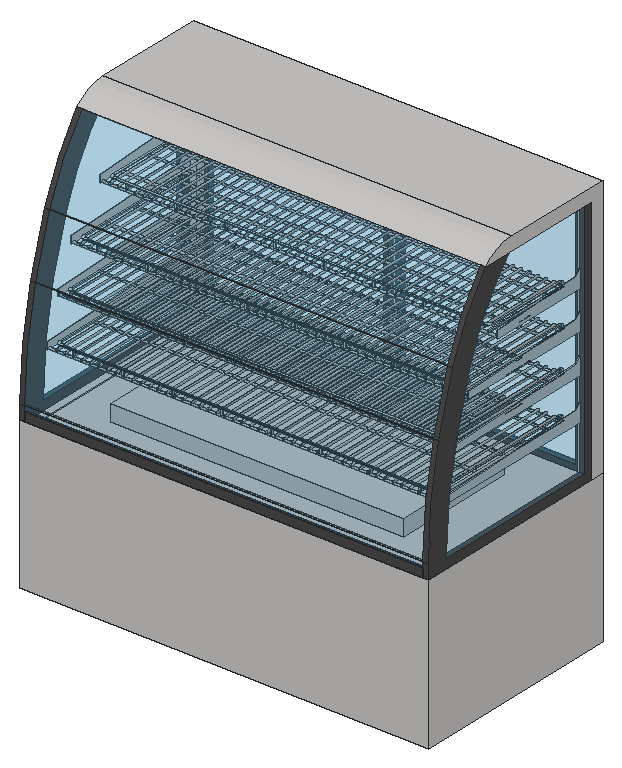
Revit family "QF_FESTIVE_LH12", category Specialty Equipment, Revit 2020
Family settings
  Round Connector Dimension = Use Diameter
  Part Type = Normal
  Work Plane-Based = No
  Always vertical = Yes
  Cut with Voids When Loaded = No
  Shared = No
  Room Calculation Point = No
Parameters (values of type "LH12_220-240/50/1")
  Weight in Kilograms = 170
  Watts = if(Phase = 3, Volts * FL Amps * 1.73, Volts * FL Amps)  # 2068 W
  Volts = 220 V
  URL Cutsheet = ""
  Specification by User = ""
  Specification by Manufacturer = ""
  Shelf Length [instance] = Length - 30 mm  # 1170 mm
  Serial Number = ""
  Seismic Rating = ""
  SMACNA No = ""
  Revision Code = ""
  Phase = 1
  Number of Poles = 1
  NAFEM Spec ID Number = ""
  Model = "LH12"
  Min Ckt Ampacity = 0 A
  Max Overcurrent Protection = 0 A
  Masterspec = ""
  Manufacturer = "FESTIVE"
  Length = 1200 mm
  Item Number = ""
  Installed By = ""
  Identify Quantity as Lot = yes
  Height = 1400 mm
  HP = ""
  Furnished By = ""
  Foodservice Equipment Identifier = yes
  FL Amps = 9.4 A
  Electrical Remarks = ""
  Electric Connection Type = ""
  Elec Conn RI Height = 0 mm
  Elec Conn Connection Height = 0 mm
  Description = "LINCOLN: HEATED"
  Depth = 640 mm
  Default Elevation = 0 mm
  Cycle = 50 Hz
  Conn Plug = "10A Plug"
  Conn Conduit = yes
  CSI MasterFormat = ""
  Base Cover 2 [instance] = Length = 1530 mm  # no
  Base Cover 1 [instance] = Length < 1201 mm  # yes
  Apparent Power = if(Phase = 3, Volts * FL Amps * 1.73, Volts * FL Amps)  # 2068 VA
Reference planes
  plane 1 "BACK": y = 0
  plane 2: z = 0
  plane 3 "LEFT": x = 0
  plane 4 "RIGHT": x = 1200
  plane 5 "FRONT": y = -640
  plane 6 "TOP": z = 1240
  plane 7 "Center Y": x = 600
  plane 8 "Center X": y = -320
  plane 9: z = 470
  plane 10: z = 25.4
  plane 11: x = 40
  plane 12: x = 1160
  plane 13: x = 15
  plane 14: x = 1185
  plane 15: x = 1107.5
  plane 16: x = 92.5
  plane 17: y = 15
Forms (mm)
  Extrusion 1, solid, material "QF_Metal - Stainless - Brushed"
    sketch origin (-6096, 34.743, 25.4) x (0, 1, 0) y (-1, 0, 0)
      loop
        line (-34.743, -6096) -> (-674.743, -6096) -> (-674.743, -7296) -> (-34.743, -7296) -> (-34.743, -7256) -> (-634.743, -7256) -> (-634.743, -6136) -> (-34.743, -6136) -> (-34.743, -6096)
    from 0 to 444.6
  Extrusion 2, solid, material "QF_Metal - Stainless - Brushed"
    sketch origin (-6096, 152.961, 470) x (0, 1, 0) y (-1, 0, 0)
      loop
        line (-152.961, -7296) -> (-152.961, -7256) -> (-192.961, -7256) -> (-192.961, -7296) -> (-152.961, -7296)
      loop
        line (-152.961, -6096) -> (-192.961, -6096) -> (-192.961, -6136) -> (-152.961, -6136) -> (-152.961, -6096)
    from 0 to 770
  Extrusion 3, solid, material "Glass"
    sketch origin (0, 0, 0) x (0, 1, 0) y (0, 0, 1)
      loop
        line (-55, 1200) -> (-343.102, 1200)
        arc (-343.102, 1200) -> (-425.006, 1093.038) -> (-482.383, 971.149) r 632.075
        arc (-482.383, 971.149) -> (-509.905, 886.436) -> (-534.265, 800.759) r 2399.94
        arc (-534.265, 800.759) -> (-564.004, 644.548) -> (-571.576, 485.711) r 1132.811
        line (-571.576, 485.711) -> (-55, 485.711) -> (-55, 1200)
    from 0 to 15
  Extrusion 4, solid, material "Glass"
    sketch origin (1200, 0, 0) x (0, -1, 0) y (0, 0, 1)
      loop
        line (55, 1200) -> (55, 485) -> (574.724, 485)
        arc (574.724, 485) -> (567.049, 644.057) -> (537.168, 800.47) r 1134.026
        arc (537.168, 800.47) -> (513.547, 883.55) -> (486.952, 965.728) r 2401.095
        arc (486.952, 965.728) -> (427.946, 1090.797) -> (343.102, 1200) r 630.727
        line (343.102, 1200) -> (55, 1200)
    from 0 to 15
  Extrusion 5, solid, material "QF_Metal - Stainless - Brushed"
    sketch origin (389.467, 0, -196.242) x (1, 0, 0) y (0, 0, -1)
      loop
        line (750.695, -399.744) -> (750.695, -299.744) -> (660.695, -299.744) -> (660.695, -399.744) -> (750.695, -399.744)
    from 0 to 15
  Extrusion 6, solid, material "QF_Metal - Stainless - Brushed"
    sketch origin (0, 0, 0) x (1, 0, 0) y (0, 0, 1)
      loop
        line (1160, 376.925) -> (40, 376.925) -> (40, 70.07) -> (145, 70.07) -> (145, 31.8) -> (1055, 31.8) -> (1055, 69.875) -> (1160, 69.875) -> (1160, 376.925)
    from 0 to 600
  Extrusion 7, solid
    sketch origin (0, 0, 0) x (-1, 0, 0) y (0, 0, 1)
      loop
        circle (-1045, 36.8) r 5
    from 0 to 3.2
  Extrusion 8, solid, material "QF_Metal - Stainless - Brushed"
    sketch origin (1160, 0, 25.4) x (1, 0, 0) y (0, 0, -1)
      loop
        line (0, -351.525) -> (-1120, -351.525) -> (-1120, -444.6) -> (0, -444.6) -> (0, -351.525)
      loop
        line (0, 0) -> (-1120, 0) -> (-1120, -6.4) -> (0, -6.4) -> (0, 0)
    from 0 to -3.2
  Extrusion 9, solid, material "QF_Plastic - Red - Smooth"
    sketch origin (389.467, 15, -196.242) x (1, 0, 0) y (0, 0, -1)
      loop
        line (732.495, -336.936) -> (732.495, -311.419) -> (723.895, -311.419) -> (723.895, -336.936) -> (732.495, -336.936)
      loop
        line (687.495, -336.936) -> (687.495, -311.419) -> (678.895, -311.419) -> (678.895, -336.936) -> (687.495, -336.936)
    from 0 to 3.2
  Extrusion 10, solid, material "QF_Plastic - Black - Smooth"
    sketch origin (0, 0, 0) x (0, 1, 0) y (0, 0, 1)
      loop
        line (-40, 470) -> (-40, 1200) -> (-65, 1200) -> (-65, 495) -> (-575, 495) -> (-575, 510)
        arc (-575, 510) -> (-565.502, 656.462) -> (-537.168, 800.47) r 1134.026
        arc (-537.168, 800.47) -> (-513.547, 883.55) -> (-486.952, 965.728) r 2401.095
        arc (-486.952, 965.728) -> (-427.946, 1090.797) -> (-343.102, 1200) r 630.727
        line (-343.102, 1200) -> (-430, 1200)
        arc (-430, 1200) -> (-498.623, 1098.654) -> (-548.424, 986.85) r 695.727
        arc (-548.424, 986.85) -> (-575.739, 902.449) -> (-600, 817.119) r 2466.095
        arc (-600, 817.119) -> (-629.958, 664.856) -> (-640, 510) r 1199.026
        line (-640, 510) -> (-640, 470) -> (-40, 470)
    from 0 to 15
  Extrusion 11, solid, material "QF_Metal - Stainless - Brushed"
    sketch origin (0, 0, 0) x (0, 1, 0) y (0, 0, 1)
      loop
        line (0, 1200) -> (0, 1240) -> (-335, 1240)
        arc (-335, 1240) -> (-386.539, 1229.592) -> (-430, 1200) r 132.813
        line (-430, 1200) -> (0, 1200)
    from 0 to 1200
  Extrusion 12, solid, material "QF_Plastic - Black - Smooth"
    sketch origin (1200, 0, 0) x (0, -1, 0) y (0, 0, 1)
      loop
        line (40, 470) -> (640, 470) -> (640, 510)
        arc (640, 510) -> (629.958, 664.856) -> (600, 817.119) r 1199.026
        arc (600, 817.119) -> (575.739, 902.449) -> (548.424, 986.85) r 2466.095
        arc (548.424, 986.85) -> (498.623, 1098.654) -> (430, 1200) r 695.727
        line (430, 1200) -> (343.102, 1200)
        arc (343.102, 1200) -> (427.946, 1090.797) -> (486.952, 965.728) r 630.727
        arc (486.952, 965.728) -> (513.547, 883.55) -> (537.168, 800.47) r 2401.095
        arc (537.168, 800.47) -> (565.502, 656.462) -> (575, 510) r 1134.026
        line (575, 510) -> (575, 495) -> (65, 495) -> (65, 1200) -> (40, 1200) -> (40, 470)
    from 0 to 15
  Extrusion 13, solid, material "Glass"
    sketch origin (0, 0, 0) x (0, 1, 0) y (0, 0, 1)
      loop
        arc (-548.424, 986.85) -> (-575.739, 902.449) -> (-600, 817.119) r 2466.095
        arc (-600, 817.119) -> (-629.958, 664.856) -> (-640, 510) r 1199.026
        line (-640, 510) -> (-640, 495) -> (-633.6, 495) -> (-633.6, 510)
        arc (-633.6, 510) -> (-623.612, 664.03) -> (-593.814, 815.48) r 1192.626
        arc (-593.814, 815.48) -> (-569.615, 900.588) -> (-542.371, 984.771) r 2459.695
        arc (-542.371, 984.771) -> (-491.755, 1097.827) -> (-421.722, 1200) r 689.327
        line (-421.722, 1200) -> (-430, 1200)
        arc (-430, 1200) -> (-498.623, 1098.654) -> (-548.424, 986.85) r 695.727
    from 15 to 1185
  Extrusion 14, solid, material "QF_Metal - Stainless - Brushed"
    sketch origin (-6096, 34.743, 470) x (0, 1, 0) y (-1, 0, 0)
      loop
        line (-634.743, -6136) -> (-634.743, -7256) -> (-34.743, -7256) -> (-34.743, -6136) -> (-634.743, -6136)
    from 0 to -20
  Extrusion 15, solid, material "QF_Metal - Stainless - Brushed", visible <- "Base Cover 1"
    sketch origin (-6096, 34.743, 470) x (0, 1, 0) y (-1, 0, 0)
      loop
        line (-183.538, -6266) -> (-553.538, -6266) -> (-553.538, -7126) -> (-183.538, -7126) -> (-183.538, -6266)
    from 0 to 47.182
  Extrusion 16, solid, material "QF_Plastic - Black - Smooth"
    sketch origin (15, 0, 0) x (0, 1, 0) y (0, 0, 1)
      loop
        line (-633.6, 495) -> (-640, 495) -> (-640, 470) -> (-633.6, 470) -> (-633.6, 495)
    from 0 to 1170
  Extrusion 17, solid, material "QF_Metal - Stainless - Brushed", visible <- "Base Cover 2"
    sketch origin (-6096, 34.743, 470) x (0, 1, 0) y (-1, 0, 0)
      loop
        line (-183.538, -6266) -> (-553.538, -6266) -> (-553.538, -6676) -> (-183.538, -6676) -> (-183.538, -6266)
      loop
        line (-553.538, -7126) -> (-183.538, -7126) -> (-183.538, -6716) -> (-553.538, -6716) -> (-553.538, -7126)
    from 0 to 47.182
Cuts and joins
  joined: Extrusion 2, Extrusion 11
Lines and regions (mm)
  Split face 1
    outline origin (410.303, 15, -237.471) x (1, 0, 0) y (0, 0, -1)
      loop
        line (714.859, -381.365) -> (714.859, -349.447) -> (699.859, -349.447) -> (699.859, -381.365) -> (714.859, -381.365)
  Split face 2
    outline origin (580.021, 15, -155.014) x (-1, 0, 0) y (0, 0, 1)
      loop
        line (-485.141, 298.908) -> (-500.141, 298.908) -> (-500.141, 266.99) -> (-485.141, 266.99) -> (-485.141, 298.908)
  Split face 3
    outline origin (389.467, 15, -196.242) x (1, 0, 0) y (0, 0, -1)
      loop
        arc (739.445, -393.619) -> (743.667, -377.428) -> (739.445, -361.238) r 33.153
        line (739.445, -361.238) -> (671.945, -361.238)
        arc (671.945, -361.238) -> (667.723, -377.428) -> (671.945, -393.619) r 33.153
        line (671.945, -393.619) -> (739.445, -393.619)
  Split face 4
    outline origin (389.467, 15, -196.242) x (1, 0, 0) y (0, 0, -1)
      loop
        arc (735.695, -388.563) -> (737.031, -377.507) -> (735.695, -366.451) r 46.41
        line (735.695, -366.451) -> (695.695, -366.451) -> (695.695, -388.563) -> (735.695, -388.563)
  symbolic lines
    curve 1: line (0, 0, 1240) -> (1200, 0, 1240)
    curve 2: line (0, -640, 1240) -> (0, 0, 1240)
    curve 3: line (1200, -640, 1240) -> (0, -640, 1240)
    curve 4: line (1200, 0, 1240) -> (1200, -640, 1240)
    curve 5: line (0, -430, 1240) -> (1200, -430, 1240)
    curve 6: line (1185, -430, 1240) -> (1185, -640, 1240)
    curve 7: line (15, -430, 1240) -> (15, -640, 1240)
    curve 8: line (1050.162, 15, 1240) -> (1050.162, 0, 1240)
    curve 9: line (1140.162, 15, 1240) -> (1050.162, 15, 1240)
    curve 10: line (1140.162, 0, 1240) -> (1140.162, 15, 1240)
Dimensions and locks
  equal spacing: plane 3 "LEFT", plane 7 "Center Y", plane 4 "RIGHT"
  "Length": plane 3 "LEFT" to plane 4 "RIGHT"
  equal spacing: plane 5 "FRONT", plane 8 "Center X", plane 1 "BACK"
  "Depth": plane 5 "FRONT" to plane 1 "BACK"
  plane 6 "TOP" to plane 9 to level = 770 mm, 470 mm  (x2)
  plane 1 "BACK" to plane 5 "FRONT" = 640 mm
  locked: plane 11 to plane 3 "LEFT" at 40
  locked: plane 12 to plane 4 "RIGHT" at 40
  locked: plane 3 "LEFT" to plane 13 at 15
  locked: plane 4 "RIGHT" to plane 14 at 15
  locked: plane 5 "FRONT" to nested 5 at 45
  locked: plane 5 "FRONT" to nested 4 at 45
  locked: plane 15 to plane 4 "RIGHT" at 92.5
  locked: plane 16 to plane 3 "LEFT" at 92.5
  plane 1 "BACK" to plane 17 = 15 mm
  Extrusion 17 sketch curve to plane 7 "Center Y" to Extrusion 17 sketch curve = 20 mm locked, 20 mm locked
  locked: plane 7 "Center Y" to nested 9 at 20
  locked: plane 7 "Center Y" to nested 10 at 20
  aligned and locked: level to plane 2
  aligned and locked: Extrusion 1 to plane 9
  aligned and locked: plane 6 "TOP" to Extrusion 2
  aligned and locked: plane 16 to nested 3
  aligned and locked: plane 16 to nested 4
  aligned and locked: nested 6 to plane 15
  aligned and locked: nested 5 to plane 15
  aligned and locked: Extrusion 1 to Extrusion 8 sketch curve  (x2)
  aligned and locked: Extrusion 8 sketch curve to Extrusion 1  (x2)
  aligned and locked: plane 13 to Extrusion 13
  aligned and locked: Extrusion 13 to plane 14
  aligned and locked: cut or joined group of Extrusion 2, Extrusion 11 to plane 4 "RIGHT"
  aligned and locked: Extrusion 16 to Extrusion 12
  aligned and locked: plane 12 to nested 10
  aligned and locked: plane 11 to nested 9
Automatic sketch dimensions
  Extrusion 1 sketch curve to plane 3 "LEFT" = 0 mm
  plane 5 "FRONT" to Extrusion 1 sketch curve = 0 mm
  Extrusion 1 sketch curve to plane 12 = 0 mm
  Extrusion 1 sketch curve to plane 11 = 0 mm
  plane 1 "BACK" to Extrusion 1 sketch curve = 0 mm  (x2)
  Extrusion 1 sketch curve to plane 4 "RIGHT" = 0 mm
  Extrusion 1 sketch curve to plane 5 "FRONT" = 40 mm
  Extrusion 2 sketch curve to plane 11 = 0 mm
  Extrusion 2 sketch curve to plane 4 "RIGHT" = 0 mm
  Extrusion 2 sketch curve to plane 3 "LEFT" = 0 mm
  Extrusion 2 sketch curve to plane 12 = 0 mm
  plane 1 "BACK" to Extrusion 2 sketch curve = 0 mm  (x2)
  Extrusion 2 sketch curve to Extrusion 2 sketch curve = 40 mm  (x2)
  plane 9 to Extrusion 3 sketch curve = 15.711 mm
  Extrusion 3 sketch curve to plane 5 "FRONT" = 68.424 mm
  Extrusion 3 sketch curve to plane 8 "Center X" = 23.102 mm
  Extrusion 3 sketch curve to plane 6 "TOP" = 40 mm
  plane 1 "BACK" to Extrusion 3 sketch curve = 55 mm
  plane 17 to Extrusion 3 sketch curve = 99.932 mm
  plane 9 to Extrusion 3 sketch curve = 41.322 mm
  Extrusion 3 sketch curve to Extrusion 3 sketch curve = 446.013 mm
  plane 10 to Extrusion 3 sketch curve = 161.959 mm
  Extrusion 3 sketch curve to Extrusion 3 sketch curve = 1225.017 mm
  Extrusion 3 sketch curve to Extrusion 3 sketch curve = 278.715 mm
  Extrusion 3 sketch curve to plane 5 "FRONT" = 105.735 mm
  plane 10 to Extrusion 4 sketch curve = 160.052 mm
  plane 17 to Extrusion 4 sketch curve = 1768.825 mm
  plane 9 to Extrusion 4 sketch curve = 40 mm
  plane 17 to Extrusion 4 sketch curve = 544.026 mm
  plane 17 to Extrusion 4 sketch curve = 94.542 mm
  plane 9 to Extrusion 4 sketch curve = 15 mm
  plane 1 "BACK" to Extrusion 4 sketch curve = 55 mm
  Extrusion 4 sketch curve to plane 8 "Center X" = 23.102 mm
  Extrusion 4 sketch curve to plane 5 "FRONT" = 65.276 mm
  plane 9 to Extrusion 4 sketch curve = 290.763 mm
  Extrusion 4 sketch curve to plane 6 "TOP" = 40 mm
  Extrusion 4 sketch curve to Extrusion 4 sketch curve = 0 mm
  curve 4 to plane 4 "RIGHT" = 0 mm
  curve 6 to plane 14 = 0 mm
  plane 5 "FRONT" to curve 7 = 0 mm
  curve 7 to plane 13 = 0 mm
  curve 3 to plane 3 "LEFT" = 0 mm
  plane 1 "BACK" to curve 1 = 0 mm
  curve 5 to plane 8 "Center X" = 110 mm
  plane 15 to Extrusion 5 sketch curve = 57.338 mm
  plane 12 to Extrusion 5 sketch curve = 19.838 mm
  plane 10 to Extrusion 5 sketch curve = 178.101 mm
  plane 10 to Extrusion 5 sketch curve = 78.101 mm
  Split face 1 sketch curve to Extrusion 5 = 30 mm
  Split face 1 sketch curve to Extrusion 5 = 15 mm
  Split face 1 sketch curve to Extrusion 5 = 40.393 mm
  Split face 1 sketch curve to Extrusion 5 = 8.475 mm
  Extrusion 6 sketch curve to plane 11 = 0 mm
  plane 12 to Extrusion 6 sketch curve = 0 mm
  plane 10 to Extrusion 6 sketch curve = 6.4 mm
  plane 16 to Extrusion 6 sketch curve = 52.5 mm
  plane 15 to Extrusion 6 sketch curve = 52.5 mm
  plane 10 to Extrusion 6 sketch curve = 44.475 mm
  Extrusion 6 sketch curve to Extrusion 6 sketch curve = 38.27 mm
  Extrusion 6 sketch curve to plane 9 = 93.075 mm
  Extrusion 7 sketch curve to Extrusion 6 = 10 mm
  Extrusion 7 sketch curve to Extrusion 6 = 5 mm
  Extrusion 8 sketch curve to Extrusion 1 = 0 mm  (x2)
  Extrusion 1 to Extrusion 8 sketch curve = 93.075 mm
  Extrusion 8 sketch curve to Extrusion 8 sketch curve = 6.4 mm
  Split face 2 sketch curve to Extrusion 5 = 30 mm
  Split face 2 sketch curve to Extrusion 5 = 15 mm
  Split face 2 sketch curve to Extrusion 5 = 8.475 mm
  Split face 2 sketch curve to Split face 2 sketch curve = 31.918 mm
  Split face 3 sketch curve to Extrusion 5 = 11.25 mm  (x4)
  Split face 3 sketch curve to Split face 3 sketch curve = 28.931 mm
  Split face 3 sketch curve to Split face 3 sketch curve = 9.638 mm
  Split face 3 sketch curve to Extrusion 5 = 6.125 mm
  Split face 3 sketch curve to Extrusion 5 = 22.316 mm
  Extrusion 9 sketch curve to Extrusion 5 = 18.2 mm
  Extrusion 9 sketch curve to Extrusion 9 sketch curve = 8.6 mm  (x2)
  Extrusion 9 sketch curve to Extrusion 5 = 26.8 mm
  Extrusion 9 sketch curve to Extrusion 5 = 37.193 mm  (x2)
  Extrusion 9 sketch curve to Extrusion 5 = 11.675 mm  (x2)
  Split face 4 sketch curve to Extrusion 5 = 29.926 mm
  Split face 4 sketch curve to Split face 4 sketch curve = 5.074 mm
  Split face 4 sketch curve to Extrusion 5 = 15 mm  (x2)
  Split face 4 sketch curve to Extrusion 5 = 11.181 mm
  Split face 4 sketch curve to Split face 4 sketch curve = 11.056 mm
  Extrusion 10 sketch curve to Extrusion 10 sketch curve = 0 mm  (x8)
  Extrusion 10 sketch curve to plane 5 "FRONT" = 0 mm
  Extrusion 10 sketch curve to plane 9 = 0 mm
  plane 9 to Extrusion 10 sketch curve = 25 mm
  Extrusion 10 sketch curve to plane 5 "FRONT" = 65 mm
  Extrusion 10 sketch curve to plane 6 "TOP" = 40 mm  (x2)
  Extrusion 10 sketch curve to plane 8 "Center X" = 110 mm
  Extrusion 10 sketch curve to plane 8 "Center X" = 23.102 mm
  plane 1 "BACK" to Extrusion 10 sketch curve = 65 mm
  Extrusion 10 sketch curve to Extrusion 10 sketch curve = 25 mm
  plane 17 to Extrusion 10 sketch curve = 94.542 mm
  plane 9 to Extrusion 10 sketch curve = 40 mm
  Extrusion 10 sketch curve to Extrusion 10 sketch curve = 449.483 mm
  plane 10 to Extrusion 10 sketch curve = 160.052 mm
  Extrusion 10 sketch curve to Extrusion 10 sketch curve = 1224.8 mm
  plane 9 to Extrusion 10 sketch curve = 290.763 mm
  Extrusion 11 sketch curve to plane 6 "TOP" = 0 mm
  Extrusion 11 sketch curve to plane 1 "BACK" = 0 mm
  Extrusion 11 sketch curve to plane 8 "Center X" = 15 mm
  Extrusion 11 sketch curve to plane 6 "TOP" = 40 mm
  Extrusion 11 sketch curve to Extrusion 11 sketch curve = 95 mm
  Extrusion 12 sketch curve to Extrusion 12 sketch curve = 0 mm  (x8)
  Extrusion 12 sketch curve to plane 9 = 0 mm
  Extrusion 12 sketch curve to plane 5 "FRONT" = 0 mm
  plane 9 to Extrusion 12 sketch curve = 25 mm
  Extrusion 12 sketch curve to plane 5 "FRONT" = 65 mm
  Extrusion 12 sketch curve to plane 6 "TOP" = 40 mm  (x2)
  Extrusion 12 sketch curve to plane 8 "Center X" = 110 mm
  Extrusion 12 sketch curve to plane 8 "Center X" = 23.102 mm
  plane 1 "BACK" to Extrusion 12 sketch curve = 65 mm
  Extrusion 12 sketch curve to Extrusion 12 sketch curve = 25 mm
  plane 17 to Extrusion 12 sketch curve = 94.542 mm
  plane 9 to Extrusion 12 sketch curve = 40 mm
  Extrusion 12 sketch curve to Extrusion 12 sketch curve = 449.483 mm
  plane 10 to Extrusion 12 sketch curve = 160.052 mm
  Extrusion 12 sketch curve to Extrusion 12 sketch curve = 1224.8 mm
  plane 9 to Extrusion 12 sketch curve = 290.763 mm
  Extrusion 13 sketch curve to Extrusion 13 sketch curve = 0 mm  (x8)
  Extrusion 13 sketch curve to plane 5 "FRONT" = 0 mm
  Extrusion 13 sketch curve to plane 5 "FRONT" = 6.4 mm
  Extrusion 13 sketch curve to plane 8 "Center X" = 110 mm
  Extrusion 13 sketch curve to Extrusion 13 sketch curve = 8.278 mm
  plane 17 to Extrusion 13 sketch curve = 94.542 mm
  plane 9 to Extrusion 13 sketch curve = 40 mm
  Extrusion 13 sketch curve to Extrusion 13 sketch curve = 449.483 mm
  plane 10 to Extrusion 13 sketch curve = 160.052 mm
  Extrusion 13 sketch curve to Extrusion 13 sketch curve = 1224.8 mm
  Extrusion 13 sketch curve to Extrusion 13 sketch curve = 15 mm
  plane 9 to Extrusion 13 sketch curve = 290.763 mm
  Extrusion 13 sketch curve to plane 6 "TOP" = 40 mm
  Extrusion 14 sketch curve to Extrusion 1 = 0 mm  (x3)
  Extrusion 1 to Extrusion 14 sketch curve = 0 mm
  Extrusion 15 sketch curve to plane 5 "FRONT" = 121.205 mm
  plane 1 "BACK" to Extrusion 15 sketch curve = 148.795 mm
  plane 15 to Extrusion 15 sketch curve = 77.5 mm
  plane 16 to Extrusion 15 sketch curve = 77.5 mm
  Extrusion 16 sketch curve to Extrusion 10 = 0 mm  (x2)
  Extrusion 10 to Extrusion 16 sketch curve = 0 mm
  Extrusion 16 sketch curve to Extrusion 10 = 6.4 mm
  plane 1 "BACK" to curve 10 = 0 mm
  curve 9 to plane 17 = 0 mm
  plane 1 "BACK" to curve 8 = 0 mm
  plane 12 to curve 9 = 19.838 mm
  plane 15 to curve 9 = 57.338 mm
  Extrusion 17 sketch curve to plane 5 "FRONT" = 121.205 mm  (x2)
  plane 1 "BACK" to Extrusion 17 sketch curve = 148.795 mm  (x2)
  plane 15 to Extrusion 17 sketch curve = 77.5 mm
  plane 16 to Extrusion 17 sketch curve = 77.5 mm
  radius of Extrusion 7 sketch curve = 5 mm
Nested families
  nested 1: "PARAMETRIC SHELF" at (15, -40, 866.071), Length <- "Shelf Length", type "PARAMETRIC SHELF"
    with Rail Depth 382 mm, Rail 2 8, No. of Rail 46, Length 1170 mm, Depth 432 mm
  nested 2: "PARAMETRIC SHELF" at (15, -40, 748.214), Length <- "Shelf Length", type "PARAMETRIC SHELF"
    with Rail Depth 430 mm, Rail 2 8, No. of Rail 46, Length 1170 mm, Depth 480 mm
  nested 3: "3 INCHES 01_CASTER" at (92.5, -65, 0), type "3 INCHES 01_CASTER"
    with Type Mark "", Specification by User "", Revision Code "", Item Number "", Installed By "", Identify Quantity as Lot yes, Furnished By "", Foodservice Equipment Identifier yes, 3 Inches Caster yes
  nested 4: "3 INCHES 01_CASTER" at (92.5, -595, 0), type "3 INCHES 01_CASTER"
    with Type Mark "", Specification by User "", Revision Code "", Item Number "", Installed By "", Identify Quantity as Lot yes, Furnished By "", Foodservice Equipment Identifier yes, 3 Inches Caster yes
  nested 5: "3 INCHES 01_CASTER" at (1107.5, -595, 0), type "3 INCHES 01_CASTER"
    with Type Mark "", Specification by User "", Revision Code "", Item Number "", Installed By "", Identify Quantity as Lot yes, Furnished By "", Foodservice Equipment Identifier yes, 3 Inches Caster yes
  nested 6: "3 INCHES 01_CASTER" at (1107.5, -65, 0), type "3 INCHES 01_CASTER"
    with Type Mark "", Specification by User "", Revision Code "", Item Number "", Installed By "", Identify Quantity as Lot yes, Furnished By "", Foodservice Equipment Identifier yes, 3 Inches Caster yes
  nested 7: "PARAMETRIC SHELF" at (15, -40, 978.929), Length <- "Shelf Length", type "PARAMETRIC SHELF"
    with Rail Depth 275 mm, Rail 2 8, No. of Rail 46, Length 1170 mm, Depth 325 mm
  nested 8: "PARAMETRIC SHELF" at (15, -40, 625.357), Length <- "Shelf Length", type "PARAMETRIC SHELF"
    with Rail Depth 470 mm, Rail 2 8, No. of Rail 46, Length 1170 mm, Depth 520 mm
  nested 9: "PARAMETRIC WINDOW" at (40, 0, 0), type "PARAMETRIC WINDOW"
    with Window Assembly yes, Length 580 mm
  nested 10: "PARAMETRIC WINDOW" at (580, -15, 0), type "PARAMETRIC WINDOW"
    with Window Assembly yes, Length 580 mm
Connectors
  electrical at (1045, 3.2, 36.8), driven by "Volts", driven by "Watts"
    settings: on Extrusion 7, index 2, voltage 220 V, apparent load 2068 VA, apparent load phase1 0 VA, apparent load phase2 0 VA, apparent load phase3 0 VA, power factor 1, load classification "Other", number of poles 1, system type 30, power factor state 1, is connector primary yes, connector utility no, sub classification motor no, connector description "ELECTRICAL CONNECTION"
Definition of nested family "PARAMETRIC SHELF"
  Parameters (values of type "PARAMETRIC SHELF")
    Weight in Pounds = 0
    URL Cutsheet = ""
    Specification by User = ""
    Specification by Manufacturer = ""
    Serial Number = ""
    Seismic Rating = ""
    SMACNA No = ""
    Revision Code = ""
    Rail Depth [instance] = Depth - 50 mm  # 367 mm
    Rail 2 [instance] = Length / 150 mm  # 4
    No. of Rail [instance] = Length / 25.4 mm  # 24
    NAFEM Spec ID Number = ""
    Masterspec = ""
    Length [instance] = 600 mm
    Item Number = ""
    Installed By = ""
    Identify Quantity as Lot = yes
    Height = 220 mm
    Furnished By = ""
    Foodservice Equipment Identifier = yes
    Depth [instance] = 417 mm
    Default Elevation = 0 mm
    CSI MasterFormat = ""
  Reference planes
    plane 1 "BACK": y = 0
    plane 2: z = 0
    plane 3 "LEFT": x = 0
    plane 4 "RIGHT": x = 600
    plane 5 "FRONT": y = -417
    plane 6 "TOP": z = 220
    plane 7 "Center Y": x = 300
    plane 8 "Center X": y = -208.5
    plane 9: x = 28.6
    plane 10: x = 571.4
    plane 11: x = 3.2
    plane 12: x = 596.8
  Forms (mm)
    Extrusion 1, solid
      sketch origin (0, -4517, 280.761) x (0, 0, 1) y (0, -1, 0)
        loop
          line (-244.023, -4477) -> (-261.193, -4100) -> (-280.761, -4100) -> (-280.761, -4502.438) -> (-295.323, -4517) -> (-217.773, -4517) -> (-217.773, -4508.448) -> (-244.023, -4477)
      from 0 to 3.2
    Extrusion 2, solid
      sketch origin (600, 0, 0) x (0, -1, 0) y (0, 0, 1)
        loop
          line (40, 36.738) -> (8.552, 62.988) -> (0, 62.988) -> (0, -14.562) -> (14.562, 0) -> (417, 0) -> (417, 19.568) -> (40, 36.738)
      from 0 to 3.2
    Extrusion 3, solid
      sketch origin (3.2, -4572, 62.788) x (0, 0, 1) y (0, -1, 0)
        loop
          circle (-59.788, -4158) r 3
        loop
          circle (-59.788, -4268) r 3
        loop
          circle (-59.788, -4368) r 3
        loop
          circle (-59.788, -4471.515) r 3
        loop
          circle (-59.788, -4519.015) r 3
      from 0 to 593.6
    Extrusion 4, solid
      sketch origin (20.4, -417, 21.873) x (0, 0, 1) y (1, 0, 0)
        loop
          circle (-13.368, 8.2) r 2.5
      from 0 to 367 <- "Rail Depth"
    Extrusion 5, solid
      sketch origin (563.2, -417, 21.873) x (0, 0, 1) y (1, 0, 0)
        loop
          circle (-13.368, 8.2) r 2.5
      from 0 to 367 <- "Rail Depth"
    Extrusion 6, solid
      sketch origin (44, -417, 21.873) x (0, 0, 1) y (1, 0, 0)
        loop
          circle (-13.368, 8.2) r 2.5
      from 0 to 367 <- "Rail Depth"
    Extrusion 7, solid
      sketch origin (67.6, -417, 21.873) x (0, 0, 1) y (1, 0, 0)
        loop
          circle (-13.368, 8.2) r 2.5
      from 0 to 367 <- "Rail Depth"
    Extrusion 8, solid
      sketch origin (91.2, -417, 21.873) x (0, 0, 1) y (1, 0, 0)
        loop
          circle (-13.368, 8.2) r 2.5
      from 0 to 367 <- "Rail Depth"
    Extrusion 9, solid
      sketch origin (114.8, -417, 21.873) x (0, 0, 1) y (1, 0, 0)
        loop
          circle (-13.368, 8.2) r 2.5
      from 0 to 367 <- "Rail Depth"
    Extrusion 10, solid
      sketch origin (138.4, -417, 21.873) x (0, 0, 1) y (1, 0, 0)
        loop
          circle (-13.368, 8.2) r 2.5
      from 0 to 367 <- "Rail Depth"
    Extrusion 11, solid
      sketch origin (162, -417, 21.873) x (0, 0, 1) y (1, 0, 0)
        loop
          circle (-13.368, 8.2) r 2.5
      from 0 to 367 <- "Rail Depth"
    Extrusion 12, solid
      sketch origin (185.6, -417, 21.873) x (0, 0, 1) y (1, 0, 0)
        loop
          circle (-13.368, 8.2) r 2.5
      from 0 to 367 <- "Rail Depth"
    Extrusion 13, solid
      sketch origin (209.2, -417, 21.873) x (0, 0, 1) y (1, 0, 0)
        loop
          circle (-13.368, 8.2) r 2.5
      from 0 to 367 <- "Rail Depth"
    Extrusion 14, solid
      sketch origin (232.8, -417, 21.873) x (0, 0, 1) y (1, 0, 0)
        loop
          circle (-13.368, 8.2) r 2.5
      from 0 to 367 <- "Rail Depth"
    Extrusion 15, solid
      sketch origin (256.4, -417, 21.873) x (0, 0, 1) y (1, 0, 0)
        loop
          circle (-13.368, 8.2) r 2.5
      from 0 to 367 <- "Rail Depth"
    Extrusion 16, solid
      sketch origin (280, -417, 21.873) x (0, 0, 1) y (1, 0, 0)
        loop
          circle (-13.368, 8.2) r 2.5
      from 0 to 367 <- "Rail Depth"
    Extrusion 17, solid
      sketch origin (303.6, -417, 21.873) x (0, 0, 1) y (1, 0, 0)
        loop
          circle (-13.368, 8.2) r 2.5
      from 0 to 367 <- "Rail Depth"
    Extrusion 18, solid
      sketch origin (327.2, -417, 21.873) x (0, 0, 1) y (1, 0, 0)
        loop
          circle (-13.368, 8.2) r 2.5
      from 0 to 367 <- "Rail Depth"
    Extrusion 19, solid
      sketch origin (350.8, -417, 21.873) x (0, 0, 1) y (1, 0, 0)
        loop
          circle (-13.368, 8.2) r 2.5
      from 0 to 367 <- "Rail Depth"
    Extrusion 20, solid
      sketch origin (374.4, -417, 21.873) x (0, 0, 1) y (1, 0, 0)
        loop
          circle (-13.368, 8.2) r 2.5
      from 0 to 367 <- "Rail Depth"
    Extrusion 21, solid
      sketch origin (398, -417, 21.873) x (0, 0, 1) y (1, 0, 0)
        loop
          circle (-13.368, 8.2) r 2.5
      from 0 to 367 <- "Rail Depth"
    Extrusion 22, solid
      sketch origin (421.6, -417, 21.873) x (0, 0, 1) y (1, 0, 0)
        loop
          circle (-13.368, 8.2) r 2.5
      from 0 to 367 <- "Rail Depth"
    Extrusion 23, solid
      sketch origin (445.2, -417, 21.873) x (0, 0, 1) y (1, 0, 0)
        loop
          circle (-13.368, 8.2) r 2.5
      from 0 to 367 <- "Rail Depth"
    Extrusion 24, solid
      sketch origin (468.8, -417, 21.873) x (0, 0, 1) y (1, 0, 0)
        loop
          circle (-13.368, 8.2) r 2.5
      from 0 to 367 <- "Rail Depth"
    Extrusion 25, solid
      sketch origin (492.4, -417, 21.873) x (0, 0, 1) y (1, 0, 0)
        loop
          circle (-13.368, 8.2) r 2.5
      from 0 to 367 <- "Rail Depth"
    Extrusion 26, solid
      sketch origin (516, -417, 21.873) x (0, 0, 1) y (1, 0, 0)
        loop
          circle (-13.368, 8.2) r 2.5
      from 0 to 367 <- "Rail Depth"
    Extrusion 27, solid
      sketch origin (539.6, -417, 21.873) x (0, 0, 1) y (1, 0, 0)
        loop
          circle (-13.368, 8.2) r 2.5
      from 0 to 367 <- "Rail Depth"
    Sweep 28, solid
      path origin (0, 0, 0) x (1, 0, 0) y (0, 1, 0)
        loop
          line (571.4, -70) -> (571.4, -404)
          arc (571.4, -404) -> (568.471, -411.071) -> (561.4, -414) r 10
          line (561.4, -414) -> (38.6, -414)
          arc (38.6, -414) -> (31.529, -411.071) -> (28.6, -404) r 10
          line (28.6, -404) -> (28.6, -70)
      profile origin (571.4, -237, 0) x (1, 0, 0) y (0, 0, 1)
        loop
          circle (0, 23.505) r 2.5
    Sweep 29, solid
      path origin (28.6, -4572, 11.2) x (0, 0, 1) y (0, -1, 0)
        loop
          line (12.305, -4502) -> (12.305, -4509.015)
          arc (12.305, -4509.015) -> (9.376, -4516.086) -> (2.305, -4519.015) r 10
          line (2.305, -4519.015) -> (-0.376, -4519.015)
      profile origin (28.6, -66.493, 23.505) x (0, 0, 1) y (1, 0, 0)
        loop
          circle (0, 0) r 2.5
    Sweep 30, solid
      path origin (571.4, -4572, 11.2) x (0, 0, 1) y (0, -1, 0)
        loop
          line (12.305, -4502) -> (12.305, -4509.015)
          arc (12.305, -4509.015) -> (9.376, -4516.086) -> (2.305, -4519.015) r 10
          line (2.305, -4519.015) -> (-0.376, -4519.015)
      profile origin (571.4, -66.493, 23.505) x (0, 0, -1) y (-1, 0, 0)
        loop
          circle (0, 0) r 2.5
    Extrusion 31, solid
      sketch origin (0, 0, 0) x (1, 0, 0) y (0, 1, 0)
        loop
          circle (75.8, -414.118) r 2
      from 5.989 to 23.272
    Extrusion 32, solid
      sketch origin (448.4, 0, 0) x (1, 0, 0) y (0, 1, 0)
        loop
          circle (75.8, -414.118) r 2
      from 5.989 to 23.272
    Extrusion 33, solid
      sketch origin (149.467, 0, 0) x (1, 0, 0) y (0, 1, 0)
        loop
          circle (75.8, -414.118) r 2
      from 5.989 to 23.272
    Extrusion 34, solid
      sketch origin (298.933, 0, 0) x (1, 0, 0) y (0, 1, 0)
        loop
          circle (75.8, -414.118) r 2
      from 5.989 to 23.272
  Cuts and joins
    joined: Sweep 28, Sweep 29, Sweep 30
  Lines and regions (mm)
    symbolic lines
      curve 1: line (0, 0, 0) -> (600, 0, 0)
      curve 2: line (0, -417, 0) -> (0, 0, 0)
      curve 3: line (600, -417, 0) -> (0, -417, 0)
      curve 4: line (600, 0, 0) -> (600, -417, 0)
  Dimensions and locks
    equal spacing: plane 3 "LEFT", plane 7 "Center Y", plane 4 "RIGHT"
    "Length": plane 3 "LEFT" to plane 4 "RIGHT"
    equal spacing: plane 5 "FRONT", plane 8 "Center X", plane 1 "BACK"
    "Depth": plane 5 "FRONT" to plane 1 "BACK"
    "Height": plane 6 "TOP" to level
    locked: plane 9 to plane 3 "LEFT" at 28.6
    locked: plane 10 to plane 4 "RIGHT" at 28.6
    locked: plane 12 to plane 4 "RIGHT" at 3.2
    locked: plane 11 to plane 3 "LEFT" at 3.2
    equal spacing: group 1, group 3, group 4, group 5, group 6, group 7, group 8, group 9, group 10, group 11, group 12, group 13, group 14, group 15, group 16, group 17, group 18, group 19, group 20, group 21, group 22, group 23, group 24, group 2  (x3)
    plane 1 "BACK" to Extrusion 3 sketch curve to Extrusion 3 sketch curve = 52.985 mm locked, 47.5 mm locked
    locked: Sweep 28 sketch curve to plane 1 "BACK" at 70  (x2)
    equal spacing: group 25, group 27, group 28, group 26  (x3)
    locked: Extrusion 31 to plane 3 "LEFT" at 73.8
    locked: Extrusion 32 to plane 4 "RIGHT" at 73.8
    locked: Extrusion 31 to plane 5 "FRONT" at 2.882
    locked: Extrusion 32 to plane 5 "FRONT" at 2.882
    aligned and locked: level to plane 2
    aligned and locked: Extrusion 3 to plane 12
    aligned and locked: plane 5 "FRONT" to Extrusion 4
    aligned and locked: plane 5 "FRONT" to Extrusion 5
    aligned and locked: plane 10 to Extrusion 5
  Automatic sketch dimensions
    Extrusion 1 sketch curve to plane 1 "BACK" = 0 mm
    Extrusion 1 sketch curve to level = 0 mm
    Extrusion 1 sketch curve to plane 5 "FRONT" = 0 mm
    Extrusion 1 sketch curve to level = 14.562 mm
    level to Extrusion 1 sketch curve = 19.568 mm
    level to Extrusion 1 sketch curve = 36.738 mm
    plane 1 "BACK" to Extrusion 1 sketch curve = 8.552 mm
    Extrusion 1 sketch curve to Extrusion 1 sketch curve = 26.25 mm
    plane 1 "BACK" to Extrusion 1 sketch curve = 14.562 mm
    plane 1 "BACK" to Extrusion 1 sketch curve = 40 mm
    Extrusion 2 sketch curve to plane 1 "BACK" = 0 mm
    Extrusion 2 sketch curve to level = 0 mm
    Extrusion 2 sketch curve to plane 5 "FRONT" = 0 mm
    plane 1 "BACK" to Extrusion 2 sketch curve = 8.552 mm
    plane 1 "BACK" to Extrusion 2 sketch curve = 14.562 mm
    plane 1 "BACK" to Extrusion 2 sketch curve = 40 mm
    Extrusion 2 sketch curve to level = 14.562 mm
    level to Extrusion 2 sketch curve = 19.568 mm
    level to Extrusion 2 sketch curve = 36.738 mm
    Extrusion 2 sketch curve to Extrusion 2 sketch curve = 26.25 mm
    level to Extrusion 3 sketch curve = 3 mm  (x5)
    plane 8 "Center X" to Extrusion 3 sketch curve = 4.5 mm
    Extrusion 3 sketch curve to plane 8 "Center X" = 95.5 mm
    Extrusion 3 sketch curve to plane 5 "FRONT" = 3 mm
    Sweep 28 sketch curve to plane 9 = 0 mm
    Sweep 28 sketch curve to plane 10 = 0 mm
    Sweep 28 sketch curve to plane 5 "FRONT" = 3 mm
    plane 9 to Sweep 28 sketch curve = 10 mm
    Sweep 28 sketch curve to Sweep 28 sketch curve = 10 mm
    profile plane to Sweep 28 sketch curve = 0 mm
    level to Sweep 28 sketch curve = 23.505 mm
    level to Sweep 29 sketch curve = 13.505 mm
    Sweep 29 sketch curve to Sweep 29 sketch curve = 10 mm
    plane 1 "BACK" to Sweep 29 sketch curve = 52.985 mm
    Sweep 29 sketch curve to Sweep 29 sketch curve = 2.68 mm
    Sweep 29 sketch curve to Sweep 29 sketch curve = 7.015 mm
    Sweep 29 sketch curve to plane 9 = 0 mm
    Sweep 29 sketch curve to profile plane = 0 mm
    Sweep 30 sketch curve to profile plane = 0 mm
    profile plane to Sweep 30 sketch curve = 0 mm
    Sweep 30 sketch curve to level = 13.505 mm
    Sweep 30 sketch curve to Sweep 30 sketch curve = 10 mm
    Sweep 30 sketch curve to plane 1 "BACK" = 52.985 mm
    Sweep 30 sketch curve to Sweep 30 sketch curve = 2.68 mm
    Sweep 30 sketch curve to Sweep 30 sketch curve = 7.015 mm
    curve 3 to plane 3 "LEFT" = 0 mm
    curve 3 to plane 4 "RIGHT" = 0 mm
    plane 5 "FRONT" to curve 3 = 0 mm
    plane 1 "BACK" to curve 2 = 0 mm
    radius of Extrusion 4 sketch curve = 2.5 mm
    radius of Extrusion 5 sketch curve = 2.5 mm
    radius of Extrusion 6 sketch curve = 2.5 mm
    radius of Extrusion 7 sketch curve = 2.5 mm
    radius of Extrusion 8 sketch curve = 2.5 mm
    radius of Extrusion 9 sketch curve = 2.5 mm
    radius of Extrusion 10 sketch curve = 2.5 mm
    radius of Extrusion 11 sketch curve = 2.5 mm
    radius of Extrusion 12 sketch curve = 2.5 mm
    radius of Extrusion 13 sketch curve = 2.5 mm
    radius of Extrusion 14 sketch curve = 2.5 mm
    radius of Extrusion 15 sketch curve = 2.5 mm
    radius of Extrusion 16 sketch curve = 2.5 mm
    radius of Extrusion 17 sketch curve = 2.5 mm
    radius of Extrusion 18 sketch curve = 2.5 mm
    radius of Extrusion 19 sketch curve = 2.5 mm
    radius of Extrusion 20 sketch curve = 2.5 mm
    radius of Extrusion 21 sketch curve = 2.5 mm
    radius of Extrusion 22 sketch curve = 2.5 mm
    radius of Extrusion 23 sketch curve = 2.5 mm
    radius of Extrusion 24 sketch curve = 2.5 mm
    radius of Extrusion 25 sketch curve = 2.5 mm
    radius of Extrusion 26 sketch curve = 2.5 mm
    radius of Extrusion 27 sketch curve = 2.5 mm
    radius of Extrusion 3 sketch curve = 3 mm  (x5)
    radius of Sweep 28 sketch curve = 2.5 mm
    radius of Sweep 29 sketch curve = 2.5 mm
    radius of Sweep 30 sketch curve = 2.5 mm
    radius of Extrusion 31 sketch curve = 2 mm
    radius of Extrusion 32 sketch curve = 2 mm
    radius of Extrusion 33 sketch curve = 2 mm
    radius of Extrusion 34 sketch curve = 2 mm
Definition of nested family "3 INCHES 01_CASTER"
  Parameters (values of type "3 INCHES 01_CASTER")
    Weight = ""
    URL Manufacturer = ""
    URL Cutsheet = ""
    URL = ""
    Type Mark [instance] = ""
    Specification by User [instance] = ""
    Specification by Manufacturer = ""
    Serial Number = ""
    Seismic Rating = ""
    SMACNA No = ""
    Revision Code [instance] = ""
    Omniclass Number and Title = ""
    NAFEM Spec ID Number = ""
    Model = ""
    MasterSpec. = ""
    Manufacturer = ""
    Item Number [instance] = ""
    Installed By [instance] = ""
    Identify Quantity as Lot [instance] = yes
    Furnished By [instance] = ""
    Foodservice Equipment Identifier [instance] = yes
    Description = ""
    Default Elevation = 0 mm
    CSI MasterFormat = ""
    CSI Master Format = ""
    Assembly Code = ""
    3 Inches Caster [instance] = yes
  Reference planes
    plane 1: z = 0
    plane 2 "RIGHT": x = 0
    plane 3 "FRONT": y = 0
    plane 4 "TOP": z = 79.375
  Forms (mm)
    Revolve 1, solid, visible <- "3 Inches Caster"
      sketch origin (-49.224, 14.225, -25.504) x (1, 0, 0) y (0, 0, 1)
        loop
          line (18.81, 53.682) -> (18.81, 51.765) -> (20.08, 50.495) -> (21.604, 50.495) -> (21.604, 47.445) -> (31.369, 47.445) -> (31.369, 43.353) -> (34.656, 41.455) -> (35.568, 35.823) -> (34.131, 35.823) -> (34.131, 32.648) -> (34.925, 32.648) -> (34.925, 25.504) -> (63.103, 25.504) -> (63.103, 32.648) -> (63.897, 32.648) -> (63.897, 35.823) -> (62.461, 35.823) -> (63.387, 41.544) -> (66.659, 43.434) -> (66.659, 47.445) -> (77.218, 47.445) -> (77.218, 50.495) -> (78.742, 50.495) -> (80.012, 51.765) -> (80.012, 53.682) -> (18.81, 53.682)
        axis (18.81, 53.682) -> (80.012, 53.682)
      angle from 0 to 360
    Extrusion 2, solid, visible <- "3 Inches Caster"
      sketch origin (-49.224, 34.365, -82.654) x (0, 1, 0) y (0, 0, 1)
        loop
          line (-10.438, 149.046) -> (-10.438, 152.724) -> (-58.291, 152.724) -> (-58.291, 145.096) -> (-46.304, 145.096)
          arc (-46.304, 145.096) -> (-25.478, 142.206) -> (-4.976, 137.538) r 244.683
          arc (-4.976, 137.538) -> (3.212, 134.488) -> (10.725, 130.027) r 48.783
          line (10.725, 130.027) -> (13.034, 133.223)
          arc (13.034, 133.223) -> (6.948, 137.813) -> (0.305, 141.552) r 57.159
          line (0.305, 141.552) -> (2.38, 145.142)
          arc (2.38, 145.142) -> (-3.879, 147.585) -> (-10.438, 149.046) r 43.98
      from 29.809 to 68.639
    Revolve 3, solid, visible <- "3 Inches Caster"
      sketch origin (0, 44.16, -82.55) x (0, 1, 0) y (0, 0, 1)
        loop
          line (-44.16, 161.925) -> (-44.16, 152.62) -> (-23.696, 152.62) -> (-23.696, 161.925) -> (-44.16, 161.925)
        axis (-44.16, 152.62) -> (-44.16, 161.925)
      angle from 0 to 360
    Extrusion 4, solid, visible <- "3 Inches Caster"
      sketch origin (-50.414, 34.365, -44.554) x (0, 1, 0) y (0, 0, 1)
        loop
          line (-58.291, 114.624) -> (-58.291, 106.996) -> (-56.068, 106.996)
          arc (-56.068, 106.996) -> (-40.334, 98.348) -> (-33.282, 81.837) r 27.521
          arc (-33.282, 81.837) -> (-32.335, 75.873) -> (-30.382, 70.158) r 35.169
          arc (-30.382, 70.158) -> (-19.737, 63.435) -> (-9.498, 70.763) r 11.278
          arc (-9.498, 70.763) -> (-9.015, 72.239) -> (-8.655, 73.751) r 18.805
          arc (-8.655, 73.751) -> (-1.855, 86.085) -> (10.869, 92.126) r 22.956
          line (10.869, 92.126) -> (13.034, 95.123)
          arc (13.034, 95.123) -> (6.948, 99.713) -> (0.305, 103.452) r 57.159
          line (0.305, 103.452) -> (2.38, 107.042)
          arc (2.38, 107.042) -> (-3.879, 109.485) -> (-10.438, 110.946) r 43.98
          line (-10.438, 110.946) -> (-10.438, 114.624) -> (-58.291, 114.624)
      from 69.829 to 73.87
    Extrusion 5, solid, visible <- "3 Inches Caster"
      sketch origin (50.414, 34.365, -44.554) x (0, 1, 0) y (0, 0, -1)
        loop
          line (-58.291, -114.624) -> (-10.438, -114.624) -> (-10.438, -110.946)
          arc (-10.438, -110.946) -> (-3.879, -109.485) -> (2.38, -107.042) r 43.98
          line (2.38, -107.042) -> (0.305, -103.452)
          arc (0.305, -103.452) -> (6.948, -99.713) -> (13.034, -95.123) r 57.159
          line (13.034, -95.123) -> (10.869, -92.126)
          arc (10.869, -92.126) -> (-1.855, -86.085) -> (-8.655, -73.751) r 22.956
          arc (-8.655, -73.751) -> (-9.015, -72.239) -> (-9.498, -70.763) r 18.805
          arc (-9.498, -70.763) -> (-19.737, -63.435) -> (-30.382, -70.158) r 11.278
          arc (-30.382, -70.158) -> (-32.335, -75.873) -> (-33.282, -81.837) r 35.169
          arc (-33.282, -81.837) -> (-40.334, -98.348) -> (-56.068, -106.996) r 27.521
          line (-56.068, -106.996) -> (-58.291, -106.996) -> (-58.291, -114.624)
      from 69.829 to 73.87
  Cuts and joins
    joined: Extrusion 2, Extrusion 4, Extrusion 5
  Lines and regions (mm)
    symbolic lines, visible <- "3 Inches Caster"
      curve 1: line (4.767, 41.959, 0) -> (22.622, 31.651, 0)
      curve 2: line (-25.444, -10.369, 0) -> (4.767, 41.959, 0)
      curve 3: line (-7.59, -20.677, 0) -> (-25.444, -10.369, 0)
      curve 4: line (22.622, 31.651, 0) -> (-7.59, -20.677, 0)
  Dimensions and locks
    plane 4 "TOP" to level = 79.375 mm  (x2)
    aligned and locked: level to plane 1
Definition of nested family "PARAMETRIC WINDOW"
  Parameters (values of type "PARAMETRIC WINDOW")
    Window Assembly [instance] = yes
    Weight in Pounds = 0
    URL Cutsheet = ""
    Specification by User = ""
    Specification by Manufacturer = ""
    Serial Number = ""
    Seismic Rating = ""
    SMACNA No = ""
    Revision Code = ""
    NAFEM Spec ID Number = ""
    Masterspec = ""
    Length [instance] = 575 mm
    Item Number = ""
    Installed By = ""
    Identify Quantity as Lot = yes
    Height = 1200 mm
    Furnished By = ""
    Foodservice Equipment Identifier = yes
    Depth = 15 mm
    Default Elevation = 0 mm
    CSI MasterFormat = ""
  Reference planes
    plane 1 "BACK": y = 0
    plane 2: z = 0
    plane 3 "LEFT": x = 0
    plane 4 "RIGHT": x = 575
    plane 5 "FRONT": y = -15
    plane 6 "TOP": z = 1200
    plane 7 "Center Y": x = 287.5
    plane 8 "Center X": y = -7.5
  Forms (mm)
    Extrusion 1, solid, visible <- "Window Assembly"
      sketch origin (-40, 0, 0) x (1, 0, 0) y (0, 0, 1)
        loop
          line (40, 1200) -> (40, 470) -> (615, 470) -> (615, 1200) -> (40, 1200)
        loop
          line (55, 1185) -> (55, 485) -> (600, 485) -> (600, 1185) -> (55, 1185)
      from 0 to 15
    Extrusion 2, solid, visible <- "Window Assembly"
      sketch origin (-40, 0, 0) x (1, 0, 0) y (0, 0, 1)
        loop
          line (55, 1185) -> (55, 485) -> (600, 485) -> (600, 1185) -> (55, 1185)
      from 0 to 15
  Dimensions and locks
    equal spacing: plane 3 "LEFT", plane 7 "Center Y", plane 4 "RIGHT"
    "Length": plane 3 "LEFT" to plane 4 "RIGHT"
    equal spacing: plane 5 "FRONT", plane 8 "Center X", plane 1 "BACK"
    "Depth": plane 5 "FRONT" to plane 1 "BACK"
    "Height": plane 6 "TOP" to level
    aligned and locked: level to plane 2
  Automatic sketch dimensions
    Extrusion 2 sketch curve to plane 6 "TOP" = 15 mm
    Extrusion 1 sketch curve to plane 3 "LEFT" = 0 mm
    plane 4 "RIGHT" to Extrusion 1 sketch curve = 0 mm
    Extrusion 1 sketch curve to plane 6 "TOP" = 0 mm
    plane 4 "RIGHT" to Extrusion 1 sketch curve = 15 mm
    Extrusion 1 sketch curve to plane 6 "TOP" = 15 mm
    Extrusion 1 sketch curve to Extrusion 1 sketch curve = 700 mm
    Extrusion 1 sketch curve to Extrusion 1 sketch curve = 15 mm
    Extrusion 2 sketch curve to Extrusion 2 sketch curve = 700 mm
    plane 3 "LEFT" to Extrusion 2 sketch curve = 15 mm
    plane 4 "RIGHT" to Extrusion 2 sketch curve = 15 mm
    plane 3 "LEFT" to Extrusion 1 sketch curve = 15 mm
